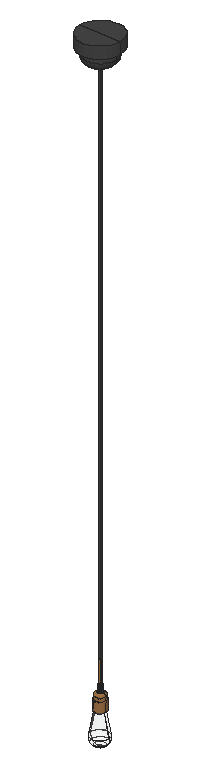
Revit family "SPB MB", category Lighting Fixtures, Revit 2020
Family settings
  Round Connector Dimension = Use Diameter
  Part Type = Normal
  OmniClass Number = 23.80.70.00
  OmniClass Title = Lighting
  Work Plane-Based = No
  Always vertical = Yes
  Cut with Voids When Loaded = No
  Light Source = Yes
  Shared = No
  Room Calculation Point = No
Parameters (values of type "SPB")
  Weight = "0.30 lbs"
  Wattage Comments = "60W Max"
  Wattage = 1.6 W
  Warranty = "5 year limited warranty"  # constant formula
  built-in parameter 1150110 = 1 (stored number, unit not read)
  Voltage = 277 V
  URL = "https://www.anplighting.com/assets/Uploads/product-attachments/specification-sheets/ANP-Specification-Sheet-SPB.pdf"
  built-in parameter 1114217 = 1 (stored number, unit not read)
  Tilt Angle = 90.00°
  built-in parameter 1150109 = 1 (stored number, unit not read)
  built-in parameter 1150134 = 12
  built-in parameter 1150113 = 1 (stored number, unit not read)
  SPB = yes
  Ring = RING
  Mounting Option [instance] = 1
  Power Factor = 1
  Post Mount [instance] = Mounting Option = 5  # no
  Placement X axis side [instance] = if(Post Mount, 2' 2 15/32", if(Cord or Stem Mount, 0' 0", if(E36 20 inch, 1' 8 1/4", if(E 6 26 inch, 2' 2", if(E7 41 inch, 3' 5 1/4", 0' 1")))))  # 0' - 0"
  Photometric Web File = "generic.ies"
  Model = "SPB"
  Manufacturer = "ANP Lighting"  # constant formula
  built-in parameter 1150105 = 2000 (stored number, unit not read)
  Lumens = 2000 lm
  built-in parameter 1150115 = 1 (stored number, unit not read)
  Load Classification = Lighting
  Light Source Height [instance] = 0' - 6 205/256"
  built-in parameter 1150137 = (empty or 0)
  built-in parameter 1150139 = (empty or 0)
  Light Elevation _2 [instance] = if(Post Mount, 0' 0.66142", if(E7 41 inch, 0' 0.66142", if(E36 20 inch, 0' 1.65748", if(E 6 26 inch, 0' 1.53543", if(Cord or Stem Mount, (0' 4.3622" + Cord Length), 0' 0")))))  # 6' - 4.3622"
  Light Elevation _1 [instance] = if(Post Mount, 0' 0", if(E7 41 inch, 0' 0", if(E36 20 inch, 0' 1", if(E 6 26 inch, 0' 0.87402", if(Cord or Stem Mount, (0' 3.66142" + Cord Length), 0' 0")))))  # 6' - 3.66142"
  Light Elevation [instance] = if(Post Mount, 14' 0.5315", if(E7 41 inch, 0' 0", 0' 0"))  # 0' - 0"
  built-in parameter 1150112 = 1 (stored number, unit not read)
  built-in parameter 1150114 = 1 (stored number, unit not read)
  Lamp = "MED-BASE"
  built-in parameter 1150132 = 2
  built-in parameter 1150102 = (empty or 0)
  built-in parameter 1150107 = 4000 (stored number, unit not read)
  built-in parameter 1150138 = (empty or 0)
  built-in parameter 1150106 = 20 (stored number, unit not read)
  GLASS = Glass
  Fixture Height = 0' - 3"
  Fixture Diameter = 0' - 1 1/2"
  built-in parameter 1150104 = 116.13 (stored number, unit not read)
  E7 41 inch [instance] = Mounting Option = 4  # no
  E36 20 inch [instance] = Mounting Option = 3  # no
  E 6 26 inch [instance] = Mounting Option = 2  # no
  Dimming Lamp Color Temperature Shift = <None>
  Description = "120-277 Voltage"  # constant formula
  Default Elevation = 0' - 0"
  Cord or Stem Mount [instance] = Mounting Option = 1  # yes
  Cord Length option [instance] = 0
  Cord Length [instance] = if([2' Cord], 2' 0", if([4' Cord], 4' 0", if([8' Cord], 8' 0", if([10' Cord], 10' 0", if([6' Cord], 6' 0", 6' 0")))))  # 6' - 0"
  Construction Material = "Heavy Duty spun aluminum."  # constant formula
  Color Filter = 16777215
  Body Material = body
  Body Colour = "Spun aluminium"  # constant formula
  built-in parameter 1114218 = 1 (stored number, unit not read)
  built-in parameter 1150133 = 10 (stored number, unit not read)
  Apparent Load = 60 VA
  8' Cord [instance] = Cord Length option = 8  # no
  6' Cord [instance] = Cord Length option = 6  # no
  4' Cord [instance] = Cord Length option = 4  # no
  2' Cord [instance] = Cord Length option = 2  # no
  10' Cord [instance] = Cord Length option = 10  # no
Reference planes (in)
  plane 1 "Light Source Axis (F/B)": y = 0
  plane 2: z = 0
  plane 3 "Light Source Axis (L/R)": x = 0
  plane 4 "Light Source Elevation": z = 0
  plane 5: z = 0
  plane 6: x = 0
  plane 7 "Bulb Position": z = -76.3622
  plane 8 "Canopy Position": z = -75.66142
  plane 9 "IES": z = -83.16299
Dimensions and locks (in)
  "Light Elevation": plane 5 to plane 2
  "Placement X axis side": plane 6 to plane 3 "Light Source Axis (L/R)"
  "Light Elevation _2": plane 5 to plane 7 "Bulb Position"
  "Light Elevation _1": plane 5 to plane 8 "Canopy Position"
  "Light Source Height": plane 7 "Bulb Position" to plane 9 "IES"
  locked: plane 4 "Light Source Elevation" to plane 2
  aligned and locked: level to plane 2
  aligned and locked: plane 1 "Light Source Axis (F/B)" to nested 5
  aligned and locked: nested 5 to plane 2
  aligned and locked: nested 1 to plane 3 "Light Source Axis (L/R)"
  aligned and locked: plane 3 "Light Source Axis (L/R)" to nested 2
  aligned and locked: plane 3 "Light Source Axis (L/R)" to nested 4
  aligned and locked: nested 3 to plane 5
  aligned and locked: plane 3 "Light Source Axis (L/R)" to nested 3
  aligned and locked: plane 3 "Light Source Axis (L/R)" to nested 5
  aligned and locked: plane 1 "Light Source Axis (F/B)" to nested 2
  aligned and locked: plane 1 "Light Source Axis (F/B)" to nested 1
  aligned and locked: plane 1 "Light Source Axis (F/B)" to nested 4
  aligned and locked: plane 1 "Light Source Axis (F/B)" to nested 3
  aligned and locked: plane 2 to nested 1
  aligned and locked: plane 2 to nested 2
  aligned and locked: nested 4 to plane 2
  aligned and locked: imposter light to plane 9 "IES"
  aligned and locked: imposter light to plane 6
  aligned and locked: nested 6 to plane 8 "Canopy Position"
  aligned and locked: nested 6 to plane 6
Nested families (in)
  nested 1: "CORD OR STEM MOUNT" at (0, 0, -75.67), visible <- "Cord or Stem Mount", Cord or Stem Mount <- "Cord or Stem Mount", Body Material <- "Body Material", Light Elevation <- "Light Elevation", Cord Length <- "Cord Length", 10' Cord <- "10' Cord", 2' Cord <- "2' Cord", 4' Cord <- "4' Cord", 6' Cord <- "6' Cord", 8' Cord <- "8' Cord", type "CORD OR STEM MOUNT"
    with Light Elevation 0' - 0", Cord or Stem Mount yes, Cord Length 6' - 0", Body Material body, 8' Cord no, 6' Cord no, 4' Cord no, 2' Cord no, 10' Cord no
  nested 2: "E6 26 INCH" at (0, 0, 0), visible <- "E 6 26 inch", Chain Length <- "Cord Length", E 6 26 inch <- "E 6 26 inch", Placement X axis side <- "Placement X axis side", Body Material <- "Body Material", Light Elevation <- "Light Elevation", type "E6 26 INCH"
    with Placement X axis side 0' - 0", Light Elevation 0' - 0", E 6 26 inch no, Chain Length 6' - 0", Body Material body
  nested 3: "E7 41 INCH" at (0, 0, 0), Chain Length <- "Cord Length", visible <- "E7 41 inch", E7 41 inch <- "E7 41 inch", Placement X axis side <- "Placement X axis side", Body Material <- "Body Material", Light Elevation <- "Light Elevation", type "E7 41 INCH"
    with Placement X axis side 0' - 0", Light Elevation 0' - 0", E7 41 inch no, Chain Length 6' - 0", Body Material body
  nested 4: "E36 20 INCH" at (0, 0, 0), visible <- "E36 20 inch", E36 20 inch <- "E36 20 inch", Placement X axis side <- "Placement X axis side", Chain Length <- "Cord Length", Body Material <- "Body Material", Light Elevation <- "Light Elevation", type "E36 20 INCH"
    with Placement X axis side 0' - 0", Light Elevation 0' - 0", E36 20 inch no, Chain Length 6' - 0", Body Material body
  nested 5: "POST MOUNT" at (0, 0, 0), visible <- "Post Mount", Post Mount <- "Post Mount", Placement X axis side <- "Placement X axis side", Chain Length <- "Cord Length", Body Material <- "Body Material", Light Elevation <- "Light Elevation", type "POST MOUNT"
    with Post Mount no, Placement X axis side 0' - 0", Light Elevation 0' - 0", Chain Length 6' - 0", Body Material body
  nested 6: "SPB" at (0, 0, -75.66142), Light Elevation <- "Light Elevation", Body <- "Ring", visible <- "SPB", SPB <- "SPB", type "SPB"
    with SPB yes, Light Elevation 0' - 0", Body RING
Definition of nested family "CORD OR STEM MOUNT"
  Parameters (values of type "CORD OR STEM MOUNT")
    URL = ""
    Model = ""
    Manufacturer = ""
    Light Elevation [instance] = 1' - 7.69"
    Default Elevation = 0' - 0"
    Cord or Stem Mount [instance] = yes
    Cord Length [instance] = 6' - 0"
    Body Material [instance] = none
    8' Cord [instance] = no
    6' Cord [instance] = no
    4' Cord [instance] = no
    2' Cord [instance] = no
    10' Cord [instance] = no
  Reference planes (in)
    plane 1 "Light Source Axis (F/B)": y = 0
    plane 2: z = 0
    plane 3 "Light Source Axis (L/R)": x = 0
    plane 4 "Light Source Elevation": z = 23.125
    plane 5: z = 91.69
    plane 6: z = 19.69
  Forms (in)
    Extrusion 1, void, not visible
      sketch origin (0, 0, 2.38154) x (1, 0, 0) y (0, 0, 1)
        loop
          circle (0, 4.59925) r 0.16583
      from 1.18594 to 1.75
    Extrusion 2, void, not visible
      sketch origin (0, 0, 2.38154) x (0.707107, -0.707107, 0) y (0, 0, 1)
        loop
          circle (0, 4.59925) r 0.16583
      from 1.18594 to 1.75
    Extrusion 3, void, not visible
      sketch origin (0, 0, 2.38154) x (0.707107, 0.707107, 0) y (0, 0, 1)
        loop
          circle (0, 4.59925) r 0.16583
      from 1.18594 to 1.75
    Extrusion 4, void, not visible
      sketch origin (0, 0, 2.38154) x (0, 1, 0) y (0, 0, 1)
        loop
          circle (0, 4.59925) r 0.16583
      from 1.18594 to 1.75
    Extrusion 5, void, not visible
      sketch origin (0, 0, 2.38154) x (-0.707107, 0.707107, 0) y (0, 0, 1)
        loop
          circle (0, 4.59925) r 0.16583
      from 1.18594 to 1.75
    Extrusion 6, void, not visible
      sketch origin (0, 0, 2.38154) x (-1, 0, 0) y (0, 0, 1)
        loop
          circle (0, 4.59925) r 0.20678
      from 1.18594 to 1.75
    Extrusion 7, void, not visible
      sketch origin (0, 0, 2.38154) x (-0.707107, -0.707107, 0) y (0, 0, 1)
        loop
          circle (0, 4.59925) r 0.16583
      from 1.18594 to 1.75
    Extrusion 8, void, not visible
      sketch origin (0, 0, 2.38154) x (0, -1, 0) y (0, 0, 1)
        loop
          circle (0, 4.59925) r 0.16583
      from 1.18594 to 1.75
    Revolve 9, solid, material <- "Body Material", visible <- "Cord or Stem Mount"
      sketch origin (0, 0, 174.56698) x (1, 0, 0) y (0, 0, 1)
        loop
          line (2.6875, -79.20698) -> (0, -79.20698) -> (0, -82.87698) -> (0.125, -82.87698) -> (0.125, -82.83698) -> (0.75, -82.83698)
          arc (0.75, -82.83698) -> (0.81694, -82.77004) -> (0.75, -82.7031) r 0.06694
          line (0.75, -82.7031) -> (0.89763, -82.7031) -> (1.00223, -82.5985) -> (1.06587, -82.5985)
          arc (1.06587, -82.5985) -> (1.80099, -82.29401) -> (2.10549, -81.55888) r 1.03962
          line (2.10549, -81.55888) -> (2.10549, -81.03899)
          arc (2.10549, -81.03899) -> (2.12951, -80.981) -> (2.1875, -80.95698) r 0.08201
          line (2.1875, -80.95698) -> (2.1875, -80.70698) -> (2.6875, -80.70698) -> (2.6875, -79.20698)
        axis (0, -79.20698) -> (0, -82.87698)
      angle from 0 to 360
    Revolve 10, solid, material <- "Body Material", visible <- "Cord or Stem Mount"
      sketch origin (0, 0, 0) x (1, 0, 0) y (0, 0, 1)
        loop
          line (0, 91.69) -> (-0.125, 91.69) -> (-0.125, 19.69) -> (0, 19.69) -> (0, 91.69)
        axis (0, 19.69) -> (0, 91.69)
      angle from 0 to 360
  Dimensions and locks (in)
    "Light Elevation": plane 6 to plane 2
    "Cord Length": plane 5 to plane 6
    locked: Revolve 10 sketch curve to Revolve 10 sketch curve at 0.125
    aligned and locked: level to plane 2
    aligned and locked: Revolve 10 sketch curve to plane 3 "Light Source Axis (L/R)"
    aligned and locked: Revolve 10 sketch curve to plane 6
    aligned and locked: Revolve 10 sketch curve to plane 5
    aligned and locked: plane 3 "Light Source Axis (L/R)" to Revolve 10 sketch curve
  Automatic sketch dimensions
    Revolve 9 sketch curve to plane 3 "Light Source Axis (L/R)" = 0' - 0"  (x2)
    Revolve 9 sketch curve to plane 5 = 0' - 0"
    plane 3 "Light Source Axis (L/R)" to Revolve 9 sketch curve = 0' - 0 1/8"
    Revolve 9 sketch curve to plane 5 = 0' - 0.17388"
    Revolve 9 sketch curve to Revolve 9 sketch curve = 0' - 0 5/8"
    Revolve 9 sketch curve to Revolve 9 sketch curve = 0' - 0.14763"
    Revolve 9 sketch curve to plane 5 = 0' - 0.27847"
    Revolve 9 sketch curve to Revolve 9 sketch curve = 0' - 0.1046"
    Revolve 9 sketch curve to Revolve 9 sketch curve = 0' - 0.06364"
    Revolve 9 sketch curve to Revolve 9 sketch curve = 0' - 1.03962"
    Revolve 9 sketch curve to Revolve 9 sketch curve = 0' - 0 21/256"
    Revolve 9 sketch curve to Revolve 9 sketch curve = 0' - 0 1/2"  (x2)
    Revolve 9 sketch curve to Revolve 9 sketch curve = 0' - 0.51989"
    Revolve 9 sketch curve to Revolve 9 sketch curve = 0' - 0 1/4"
    Revolve 9 sketch curve to Revolve 9 sketch curve = 0' - 2.3519"
    Revolve 9 sketch curve to Revolve 9 sketch curve = 0' - 1 1/4"
    Revolve 9 sketch curve to Revolve 9 sketch curve = 0' - 0.04"
    Revolve 10 sketch curve to Revolve 10 sketch curve = 0' - 0 1/2"
    Revolve 10 sketch curve to Revolve 10 sketch curve = 0' - 0.42345"
Definition of nested family "SPB"
  Parameters (values of type "SPB")
    SPB [instance] = yes
    Light Elevation [instance] = 0' - 0"
    GLASS = none
    Default Elevation = 0' - 0"
    Body [instance] = none
  Reference planes (in)
    plane 1 "Center (Front/Back)": y = 0
    plane 2: z = 0
    plane 3 "Center (Left/Right)": x = 0
    plane 4: z = 0
  Dimensions and locks (in)
    "Light Elevation": plane 4 to plane 2
    locked: plane 4 to nested 2 at 3
    aligned and locked: plane 2 to level
    aligned and locked: plane 3 "Center (Left/Right)" to nested 1
    aligned and locked: plane 1 "Center (Front/Back)" to nested 1
    aligned and locked: plane 4 to nested 1
  Nested families (in)
    nested 1: "Family4" at (0, 0, -3), visible <- "SPB", Body <- "Body", SPB <- "SPB", type "Family4"
    nested 2: "light" at (0, 0, -3), visible <- "SPB", SPB <- "SPB", type "light"
      with SPB yes, Body none
  Definition of nested family "Family4"
    Parameters (values of type "Family4")
      SPB [instance] = yes
      Default Elevation = 0' - 0"
      Body [instance] = none
    Reference planes (in)
      plane 1 "Center (Front/Back)": y = 0
      plane 2: z = 0
      plane 3 "Center (Left/Right)": x = 0
      plane 4: z = 3
      plane 5: x = 0.75
      plane 6: x = -0.75
    Forms (in)
      Revolve 1, solid, material <- "Body", visible <- "SPB"
        sketch origin (0, 0, 0) x (1, 0, 0) y (0, 0, 1)
          loop
            arc (-0.2392, 2.14555) -> (-0.25525, 2.12613) -> (-0.24131, 2.10513) r 0.02114
            arc (-0.24131, 2.10513) -> (-0.23202, 2.08713) -> (-0.24131, 2.06914) r 0.02208
            line (-0.24131, 2.06914) -> (0, 2.06914) -> (0, 3) -> (-0.19442, 3) -> (-0.2392, 2.14555)
          axis (0, 3) -> (0, 2.06914)
        angle from 0 to 360
      Extrusion 2, solid, material <- "Body", visible <- "SPB"
        sketch origin (-0.01562, 0, 0) x (1, 0, 0) y (0, 0, 1)
          loop
            line (0.2392, 2.14555) -> (0.27022, 2.14555) -> (0.22544, 3) -> (0.19442, 3) -> (0.2392, 2.14555)
        from 0 to 0.02847
      Extrusion 3, solid, material <- "Body", visible <- "SPB"
        sketch origin (-0.01486, 0.00483, 0) x (0.951057, -0.309017, 0) y (0, 0, 1)
          loop
            line (0.2392, 2.14555) -> (0.27022, 2.14555) -> (0.22544, 3) -> (0.19442, 3) -> (0.2392, 2.14555)
        from 0 to 0.02847
      Extrusion 4, solid, material <- "Body", visible <- "SPB"
        sketch origin (-0.01486, -0.00483, 0) x (0.951057, 0.309017, 0) y (0, 0, 1)
          loop
            line (0.2392, 2.14555) -> (0.27022, 2.14555) -> (0.22544, 3) -> (0.19442, 3) -> (0.2392, 2.14555)
        from 0 to 0.02847
      Extrusion 5, solid, material <- "Body", visible <- "SPB"
        sketch origin (-0.01264, -0.00918, 0) x (0.809017, 0.587785, 0) y (0, 0, 1)
          loop
            line (0.2392, 2.14555) -> (0.27022, 2.14555) -> (0.22544, 3) -> (0.19442, 3) -> (0.2392, 2.14555)
        from 0 to 0.02847
      Extrusion 6, solid, material <- "Body", visible <- "SPB"
        sketch origin (-0.00918, -0.01264, 0) x (0.587785, 0.809017, 0) y (0, 0, 1)
          loop
            line (0.2392, 2.14555) -> (0.27022, 2.14555) -> (0.22544, 3) -> (0.19442, 3) -> (0.2392, 2.14555)
        from 0 to 0.02847
      Extrusion 7, solid, material <- "Body", visible <- "SPB"
        sketch origin (-0.00483, -0.01486, 0) x (0.309017, 0.951057, 0) y (0, 0, 1)
          loop
            line (0.2392, 2.14555) -> (0.27022, 2.14555) -> (0.22544, 3) -> (0.19442, 3) -> (0.2392, 2.14555)
        from 0 to 0.02847
      Extrusion 8, solid, material <- "Body", visible <- "SPB"
        sketch origin (0, -0.01563, 0) x (0, 1, 0) y (0, 0, 1)
          loop
            line (0.2392, 2.14555) -> (0.27022, 2.14555) -> (0.22544, 3) -> (0.19442, 3) -> (0.2392, 2.14555)
        from 0 to 0.02847
      Extrusion 9, solid, material <- "Body", visible <- "SPB"
        sketch origin (0.00483, -0.01486, 0) x (-0.309017, 0.951057, 0) y (0, 0, 1)
          loop
            line (0.2392, 2.14555) -> (0.27022, 2.14555) -> (0.22544, 3) -> (0.19442, 3) -> (0.2392, 2.14555)
        from 0 to 0.02847
      Extrusion 10, solid, material <- "Body", visible <- "SPB"
        sketch origin (0.00918, -0.01264, 0) x (-0.587785, 0.809017, 0) y (0, 0, 1)
          loop
            line (0.2392, 2.14555) -> (0.27022, 2.14555) -> (0.22544, 3) -> (0.19442, 3) -> (0.2392, 2.14555)
        from 0 to 0.02847
      Extrusion 11, solid, material <- "Body", visible <- "SPB"
        sketch origin (0.01264, -0.00918, 0) x (-0.809017, 0.587785, 0) y (0, 0, 1)
          loop
            line (0.2392, 2.14555) -> (0.27022, 2.14555) -> (0.22544, 3) -> (0.19442, 3) -> (0.2392, 2.14555)
        from 0 to 0.02847
      Extrusion 12, solid, material <- "Body", visible <- "SPB"
        sketch origin (0.01486, -0.00483, 0) x (-0.951057, 0.309017, 0) y (0, 0, 1)
          loop
            line (0.2392, 2.14555) -> (0.27022, 2.14555) -> (0.22544, 3) -> (0.19442, 3) -> (0.2392, 2.14555)
        from 0 to 0.02847
      Extrusion 13, solid, material <- "Body", visible <- "SPB"
        sketch origin (0.01563, 0, 0) x (-1, 0, 0) y (0, 0, 1)
          loop
            line (0.2392, 2.14555) -> (0.27022, 2.14555) -> (0.22544, 3) -> (0.19442, 3) -> (0.2392, 2.14555)
        from 0 to 0.02847
      Extrusion 14, solid, material <- "Body", visible <- "SPB"
        sketch origin (0.01486, 0.00483, 0) x (-0.951057, -0.309017, 0) y (0, 0, 1)
          loop
            line (0.2392, 2.14555) -> (0.27022, 2.14555) -> (0.22544, 3) -> (0.19442, 3) -> (0.2392, 2.14555)
        from 0 to 0.02847
      Extrusion 15, solid, material <- "Body", visible <- "SPB"
        sketch origin (0.01264, 0.00918, 0) x (-0.809017, -0.587785, 0) y (0, 0, 1)
          loop
            line (0.2392, 2.14555) -> (0.27022, 2.14555) -> (0.22544, 3) -> (0.19442, 3) -> (0.2392, 2.14555)
        from 0 to 0.02847
      Extrusion 16, solid, material <- "Body", visible <- "SPB"
        sketch origin (0.00918, 0.01264, 0) x (-0.587785, -0.809017, 0) y (0, 0, 1)
          loop
            line (0.2392, 2.14555) -> (0.27022, 2.14555) -> (0.22544, 3) -> (0.19442, 3) -> (0.2392, 2.14555)
        from 0 to 0.02847
      Extrusion 17, solid, material <- "Body", visible <- "SPB"
        sketch origin (0.00483, 0.01486, 0) x (-0.309017, -0.951057, 0) y (0, 0, 1)
          loop
            line (0.2392, 2.14555) -> (0.27022, 2.14555) -> (0.22544, 3) -> (0.19442, 3) -> (0.2392, 2.14555)
        from 0 to 0.02847
      Extrusion 18, solid, material <- "Body", visible <- "SPB"
        sketch origin (0, 0.01563, 0) x (0, -1, 0) y (0, 0, 1)
          loop
            line (0.2392, 2.14555) -> (0.27022, 2.14555) -> (0.22544, 3) -> (0.19442, 3) -> (0.2392, 2.14555)
        from 0 to 0.02847
      Extrusion 19, solid, material <- "Body", visible <- "SPB"
        sketch origin (-0.00483, 0.01486, 0) x (0.309017, -0.951057, 0) y (0, 0, 1)
          loop
            line (0.2392, 2.14555) -> (0.27022, 2.14555) -> (0.22544, 3) -> (0.19442, 3) -> (0.2392, 2.14555)
        from 0 to 0.02847
      Extrusion 20, solid, material <- "Body", visible <- "SPB"
        sketch origin (-0.00918, 0.01264, 0) x (0.587785, -0.809017, 0) y (0, 0, 1)
          loop
            line (0.2392, 2.14555) -> (0.27022, 2.14555) -> (0.22544, 3) -> (0.19442, 3) -> (0.2392, 2.14555)
        from 0 to 0.02847
      Extrusion 21, solid, material <- "Body", visible <- "SPB"
        sketch origin (-0.01264, 0.00918, 0) x (0.809017, -0.587785, 0) y (0, 0, 1)
          loop
            line (0.2392, 2.14555) -> (0.27022, 2.14555) -> (0.22544, 3) -> (0.19442, 3) -> (0.2392, 2.14555)
        from 0 to 0.02847
      Extrusion 22, solid, material <- "Body", visible <- "SPB"
        sketch origin (0, 0, 0) x (1, 0, 0) y (0, 1, 0)
          loop
            circle (0, 0) r 0.1524
        from 3 to 5.92444
      Revolve 23, solid, material <- "Body", visible <- "SPB"
        sketch origin (0, 0, 0) x (1, 0, 0) y (0, 0, 1)
          loop
            line (-0.75, 0) -> (-0.7185, 0) -> (0, 0) -> (0, 0.03125) -> (-0.7185, 0.03125) -> (-0.7185, 1.20515)
            arc (-0.7185, 1.20515) -> (-0.68219, 1.22974) -> (-0.66818, 1.27129) r 0.06862
            line (-0.66818, 1.27129) -> (-0.66818, 1.68979)
            arc (-0.66818, 1.68979) -> (-0.55547, 1.91104) -> (-0.31022, 1.94992) r 0.2735
            line (-0.31022, 1.94992) -> (-0.31022, 2.03666) -> (0, 2.03666) -> (0, 2.06815) -> (-0.34172, 2.06815) -> (-0.34172, 1.99015)
            arc (-0.34172, 1.99015) -> (-0.59073, 1.92343) -> (-0.69968, 1.68979) r 0.305
            line (-0.69968, 1.68979) -> (-0.69968, 1.27129)
            arc (-0.69968, 1.27129) -> (-0.71573, 1.24073) -> (-0.75, 1.23659) r 0.03713
            line (-0.75, 1.23659) -> (-0.75, 0)
          axis (0, 2.06815) -> (0, 0)
        angle from 0 to 360
    Dimensions and locks (in)
      locked: plane 5 to plane 6 at 1.5
      locked: plane 4 to level at 3
      aligned and locked: plane 2 to level
      aligned and locked: Revolve 1 sketch curve to plane 4
      aligned and locked: Extrusion 22 to plane 4
  Definition of nested family "light"
    Parameters
      SPB [instance] = yes
      GLASS = none
      Default Elevation = 0' - 0"
      Body [instance] = none
    Reference planes (in)
      plane 1 "Center (Front/Back)": y = 0
      plane 2: z = 0
      plane 3 "Center (Left/Right)": x = 0
      plane 4: z = 3
      plane 5: x = 0.75
      plane 6: x = -0.75
    Forms (in)
      Revolve 1, solid, material <- "GLASS"
        sketch origin (0, 0, -0.00124) x (1, 0, 0) y (0, 0, 1)
          loop
            line (0, 0.00124) -> (-0.47169, 0.00124)
            arc (-0.47169, 0.00124) -> (-0.59465, -0.08077) -> (-0.64543, -0.21957) r 0.23785
            line (-0.64543, -0.21957) -> (-1.18272, -3.03558)
            arc (-1.18272, -3.03558) -> (-1.18535, -3.41114) -> (-1.05444, -3.76315) r 1.04013
            arc (-1.05444, -3.76315) -> (-0.89651, -3.966) -> (-0.69365, -4.12393) r 1.04013
            arc (-0.69365, -4.12393) -> (-0.44112, -4.23419) -> (-0.17715, -4.31325) r 2.2844
            line (-0.17715, -4.31325) -> (-0.02963, -4.36987)
            arc (-0.02963, -4.36987) -> (-0.01545, -4.37654) -> (0, -4.37915) r 0.05766
            line (0, -4.37915) -> (0, -4.34756) -> (-0.27212, -4.27661)
            arc (-0.27212, -4.27661) -> (-0.48406, -4.20538) -> (-0.68798, -4.11367) r 2.27268
            arc (-0.68798, -4.11367) -> (-0.88836, -3.95758) -> (-1.04437, -3.75715) r 1.02841
            arc (-1.04437, -3.75715) -> (-1.17381, -3.4091) -> (-1.17121, -3.03778) r 1.02841
            line (-1.17121, -3.03778) -> (-0.63375, -0.22087)
            arc (-0.63375, -0.22087) -> (-0.60139, -0.11111) -> (-0.51945, -0.03125) r 0.22613
            line (-0.51945, -0.03125) -> (0, -0.03125) -> (0, 0.00124)
          axis (0, 0.00124) -> (0, -4.37915)
        angle from 0 to 360
    Dimensions and locks (in)
      aligned and locked: plane 2 to level
      aligned and locked: Revolve 1 to level
Definition of nested family "E6 26 INCH"
  Parameters (values of type "E6 26 INCH")
    URL = ""
    Placement X axis side [instance] = 2' - 2"
    Model = ""
    Manufacturer = ""
    Light Elevation [instance] = 8' - 4"
    E 6 26 inch [instance] = yes
    Default Elevation = 0' - 0"
    Chain Length [instance] = 0' - 0"
    Body Material [instance] = none
  Reference planes (in)
    plane 1 "Light Source Axis (F/B)": y = 0
    plane 2: z = 0
    plane 3 "Light Source Axis (L/R)": x = 0
    plane 4 "Light Source Elevation": z = 23.125
    plane 5: z = 100
    plane 6: x = -26
    plane 7: z = 99.125
    plane 8: x = -24.12
    plane 9: x = -25.5474
  Forms (in)
    Extrusion 1, void, not visible
      sketch origin (0, 0, 2.38154) x (1, 0, 0) y (0, 0, 1)
        loop
          circle (0, 4.59925) r 0.16583
      from 1.18594 to 1.75
    Extrusion 2, void, not visible
      sketch origin (0, 0, 2.38154) x (0.707107, -0.707107, 0) y (0, 0, 1)
        loop
          circle (0, 4.59925) r 0.16583
      from 1.18594 to 1.75
    Extrusion 3, void, not visible
      sketch origin (0, 0, 2.38154) x (0.707107, 0.707107, 0) y (0, 0, 1)
        loop
          circle (0, 4.59925) r 0.16583
      from 1.18594 to 1.75
    Extrusion 4, void, not visible
      sketch origin (0, 0, 2.38154) x (0, 1, 0) y (0, 0, 1)
        loop
          circle (0, 4.59925) r 0.16583
      from 1.18594 to 1.75
    Extrusion 5, void, not visible
      sketch origin (0, 0, 2.38154) x (-0.707107, 0.707107, 0) y (0, 0, 1)
        loop
          circle (0, 4.59925) r 0.16583
      from 1.18594 to 1.75
    Extrusion 6, void, not visible
      sketch origin (0, 0, 2.38154) x (-1, 0, 0) y (0, 0, 1)
        loop
          circle (0, 4.59925) r 0.20678
      from 1.18594 to 1.75
    Extrusion 7, void, not visible
      sketch origin (0, 0, 2.38154) x (-0.707107, -0.707107, 0) y (0, 0, 1)
        loop
          circle (0, 4.59925) r 0.16583
      from 1.18594 to 1.75
    Extrusion 8, void, not visible
      sketch origin (0, 0, 2.38154) x (0, -1, 0) y (0, 0, 1)
        loop
          circle (0, 4.59925) r 0.16583
      from 1.18594 to 1.75
    Sweep 9, solid, material <- "Body Material", visible <- "E 6 26 inch"
      path origin (-41.25, 0, 168.51693) x (1, 0, 0) y (0, 0, 1)
        loop
          line (17.13, -68.51693) -> (27.68551, -68.51693)
          arc (27.68551, -68.51693) -> (28.47996, -68.34486) -> (29.13202, -67.8595) r 1.92004
          line (29.13202, -67.8595) -> (34.23651, -62.01155)
          arc (34.23651, -62.01155) -> (38.65464, -60.89667) -> (41.25, -64.64193) r 4
          line (41.25, -64.64193) -> (41.25, -69.39193)
      profile origin (-18.84224, 0, 100) x (0, 0, 1) y (0, -1, 0)
        loop
          circle (0, 0) r 0.5
    Revolve 10, solid, material <- "Body Material", visible <- "E 6 26 inch"
      sketch origin (-26, 0, 168.51693) x (1, 0, 0) y (0, 0, 1)
        loop
          line (0, -66.07943) -> (0, -68.51693) -> (1.88, -68.51693) -> (1.88, -67.69272) -> (0.4526, -67.69272) -> (0.4526, -66.54122) -> (0.33125, -66.54122) -> (0.33125, -66.07943) -> (0, -66.07943)
        axis (0, -68.51693) -> (1.88, -68.51693)
      angle from 0 to 360
    Extrusion 11, solid, material <- "Body Material", visible <- "E 6 26 inch"
      sketch origin (-26, 0, 168.51693) x (0, -1, 0) y (0, 0, -1)
        loop
          line (0.25, 68.51693) -> (0.25, 69.51693) -> (-0.25, 69.51693) -> (-0.25, 68.51693) -> (0.25, 68.51693)
      from 0.4526 to 1.88
  Cuts and joins
    joined: Revolve 10, Extrusion 11
  Dimensions and locks (in)
    "Light Elevation": plane 5 to plane 2
    "Placement X axis side": plane 3 "Light Source Axis (L/R)" to plane 6
    locked: plane 5 to plane 7 at 0.875
    Revolve 10 sketch curve to Revolve 10 sketch curve to Revolve 10 sketch curve to plane 6 = 0' - 1.4274" locked, 0' - 0.12135" locked, 0' - 0.33125" locked
    Revolve 10 sketch curve to Revolve 10 sketch curve to Revolve 10 sketch curve to plane 5 = 0' - 0.46179" locked, 0' - 1.1515" locked, 0' - 0 211/256" locked
    locked: Sweep 9 sketch curve to plane 6 at 1.88
    locked: Sweep 9 sketch curve to Sweep 9 sketch curve at 10.55551
    locked: Sweep 9 sketch curve to Sweep 9 sketch curve at 13.56449
    locked: Sweep 9 sketch curve to Sweep 9 sketch curve at 4.75
    locked: plane 9 to plane 6 at 0.4526
    locked: plane 8 to plane 9 at 1.4274
    aligned and locked: level to plane 2
    aligned and locked: Revolve 10 sketch curve to plane 6
    aligned and locked: plane 5 to Revolve 10 sketch curve
    aligned and locked: Revolve 10 sketch curve to plane 5
    aligned and locked: cut or joined group of Revolve 10, Extrusion 11 to plane 9
    aligned and locked: plane 8 to cut or joined group of Revolve 10, Extrusion 11
  Automatic sketch dimensions
    Sweep 9 sketch curve to plane 5 = 0' - 0"
    Sweep 9 sketch curve to Sweep 9 sketch curve = 0' - 4"
    Sweep 9 sketch curve to Sweep 9 sketch curve = 0' - 3.01349"
    plane 5 to Sweep 9 sketch curve = 0' - 0.65743"
    Sweep 9 sketch curve to Sweep 9 sketch curve = 0' - 1.4465"
    Sweep 9 sketch curve to plane 5 = 0' - 0 7/8"
    profile plane to Sweep 9 sketch curve = 0' - 0"
    Sweep 9 sketch curve to profile plane = 0' - 0"
    plane 6 to Revolve 10 sketch curve = 0' - 0.62562"
    Revolve 10 sketch curve to Revolve 10 sketch curve = 0' - 0 1/2"
    Extrusion 11 sketch curve to plane 5 = 0' - 0"
    plane 1 "Light Source Axis (F/B)" to Extrusion 11 sketch curve = 0' - 0 1/4"
    Extrusion 11 sketch curve to plane 1 "Light Source Axis (F/B)" = 0' - 0 1/4"
    plane 5 to Extrusion 11 sketch curve = 0' - 1"
    radius of Sweep 9 sketch curve = 0' - 0 1/2"
Definition of nested family "E7 41 INCH"
  Parameters (values of type "E7 41 INCH")
    URL = ""
    Placement X axis side [instance] = 4' - 2"
    Model = ""
    Manufacturer = ""
    Light Elevation [instance] = 8' - 4"
    E7 41 inch [instance] = yes
    Default Elevation = 0' - 0"
    Chain Length [instance] = 0' - 0"
    Body Material [instance] = none
  Reference planes (in)
    plane 1 "Light Source Axis (F/B)": y = 0
    plane 2: z = 0
    plane 3 "Light Source Axis (L/R)": x = 0
    plane 4 "Light Source Elevation": z = 23.125
    plane 5: z = 100
    plane 6: x = -50
  Forms (in)
    Extrusion 1, void, not visible
      sketch origin (0, 0, 2.38154) x (1, 0, 0) y (0, 0, 1)
        loop
          circle (0, 4.59925) r 0.16583
      from 1.18594 to 1.75
    Extrusion 2, void, not visible
      sketch origin (0, 0, 2.38154) x (0.707107, -0.707107, 0) y (0, 0, 1)
        loop
          circle (0, 4.59925) r 0.16583
      from 1.18594 to 1.75
    Extrusion 3, void, not visible
      sketch origin (0, 0, 2.38154) x (0.707107, 0.707107, 0) y (0, 0, 1)
        loop
          circle (0, 4.59925) r 0.16583
      from 1.18594 to 1.75
    Extrusion 4, void, not visible
      sketch origin (0, 0, 2.38154) x (0, 1, 0) y (0, 0, 1)
        loop
          circle (0, 4.59925) r 0.16583
      from 1.18594 to 1.75
    Extrusion 5, void, not visible
      sketch origin (0, 0, 2.38154) x (-0.707107, 0.707107, 0) y (0, 0, 1)
        loop
          circle (0, 4.59925) r 0.16583
      from 1.18594 to 1.75
    Extrusion 6, void, not visible
      sketch origin (0, 0, 2.38154) x (-1, 0, 0) y (0, 0, 1)
        loop
          circle (0, 4.59925) r 0.20678
      from 1.18594 to 1.75
    Extrusion 7, void, not visible
      sketch origin (0, 0, 2.38154) x (-0.707107, -0.707107, 0) y (0, 0, 1)
        loop
          circle (0, 4.59925) r 0.16583
      from 1.18594 to 1.75
    Extrusion 8, void, not visible
      sketch origin (0, 0, 2.38154) x (0, -1, 0) y (0, 0, 1)
        loop
          circle (0, 4.59925) r 0.16583
      from 1.18594 to 1.75
    Revolve 9, solid, material <- "Body Material", visible <- "E7 41 inch"
      sketch origin (-41.25, 0, 168.39193) x (1, 0, 0) y (0, 0, 1)
        loop
          line (-8.75, -66.20443) -> (-8.75, -68.51693) -> (-6.87, -68.51693) -> (-6.87, -67.69272) -> (-8.2974, -67.69272) -> (-8.2974, -66.54122) -> (-8.41875, -66.54122) -> (-8.41875, -66.20443) -> (-8.75, -66.20443)
        axis (-8.75, -68.51693) -> (-6.87, -68.51693)
      angle from 0 to 360
    Extrusion 10, solid, material <- "Body Material", visible <- "E7 41 inch"
      sketch origin (-41.25, 0, 168.39193) x (0, -1, 0) y (0, 0, -1)
        loop
          line (0.25, 68.51693) -> (0.25, 69.51693) -> (-0.25, 69.51693) -> (-0.25, 68.51693) -> (0.25, 68.51693)
      from -8.2974 to -6.87
    Sweep 11, solid, material <- "Body Material", visible <- "E7 41 inch"
      path origin (-41.25, 0, 168.39193) x (1, 0, 0) y (0, 0, 1)
        loop
          line (-6.87, -68.51693) -> (16.04011, -68.51693)
          arc (16.04011, -68.51693) -> (17.864, -68.13651) -> (19.38375, -67.0587) r 4.5625
          line (19.38375, -67.0587) -> (24.70217, -61.33018)
          arc (24.70217, -61.33018) -> (29.64465, -60.20324) -> (32.5, -64.39193) r 4.5
          line (32.5, -64.39193) -> (32.5, -68.39193)
      profile origin (-36.66494, 0, 99.875) x (0, 0, 1) y (0, -1, 0)
        loop
          circle (0, 0) r 0.5
  Dimensions and locks (in)
    "Placement X axis side": plane 3 "Light Source Axis (L/R)" to plane 6
    "Light Elevation": plane 5 to plane 2
    locked: Revolve 9 sketch curve to Revolve 9 sketch curve at 0.33125
    locked: Revolve 9 sketch curve to Revolve 9 sketch curve at 0.4526
    locked: Revolve 9 sketch curve to Revolve 9 sketch curve at 1.88
    locked: Revolve 9 sketch curve to Revolve 9 sketch curve at 0.82421
    locked: Revolve 9 sketch curve to Revolve 9 sketch curve at 1.1515
    locked: Revolve 9 sketch curve to Revolve 9 sketch curve at 0.33679
    locked: plane 5 to Revolve 9 sketch curve at 0.125
    locked: Extrusion 10 sketch curve to Extrusion 10 sketch curve at 0.5
    locked: Extrusion 10 sketch curve to Extrusion 10 sketch curve at 1
    locked: plane 5 to Extrusion 10 sketch curve at 0.125
    locked: plane 5 to Sweep 11 sketch curve at 0.125
    locked: Sweep 11 sketch curve to Sweep 11 sketch curve at 39.37
    locked: Sweep 11 sketch curve to Sweep 11 sketch curve at 4
    locked: plane 6 to Extrusion 10 at 0.4526
    locked: Sweep 11 sketch curve to plane 6 at 1.88
    locked: Extrusion 10 to Extrusion 10 at 1.4274
    aligned and locked: plane 2 to level
    aligned and locked: Revolve 9 sketch curve to plane 6
  Automatic sketch dimensions
    Revolve 9 sketch curve to plane 5 = 0' - 0 1/8"
    plane 6 to Revolve 9 sketch curve = 0' - 0.62562"
    Revolve 9 sketch curve to Revolve 9 sketch curve = 0' - 0 1/2"
    plane 1 "Light Source Axis (F/B)" to Extrusion 10 sketch curve = 0' - 0 1/4"
    Sweep 11 sketch curve to plane 5 = 0' - 0"
    Sweep 11 sketch curve to Sweep 11 sketch curve = 0' - 4 1/2"
    Sweep 11 sketch curve to Sweep 11 sketch curve = 0' - 3.29783"
    plane 5 to Sweep 11 sketch curve = 0' - 1.33323"
    Sweep 11 sketch curve to Sweep 11 sketch curve = 0' - 5.31842"
    Sweep 11 sketch curve to Sweep 11 sketch curve = 0' - 3.34364"
    profile plane to Sweep 11 sketch curve = 0' - 0"
    Sweep 11 sketch curve to profile plane = 0' - 0"
    radius of Sweep 11 sketch curve = 0' - 0 1/2"
Definition of nested family "E36 20 INCH"
  Parameters (values of type "E36 20 INCH")
    URL = ""
    Placement X axis side [instance] = 1' - 8 1/4"
    Model = ""
    Manufacturer = ""
    Light Elevation [instance] = 8' - 4"
    E36 20 inch [instance] = yes
    Default Elevation = 0' - 0"
    Chain Length [instance] = 0' - 0"
    Body Material [instance] = none
  Reference planes (in)
    plane 1 "Light Source Axis (F/B)": y = 0
    plane 2: z = 0
    plane 3 "Light Source Axis (L/R)": x = 0
    plane 4 "Light Source Elevation": z = 23.125
    plane 5: z = 99
    plane 6: x = -20.25
    plane 7: z = 100
    plane 8: x = -18.37008
    plane 9: x = -19.79724
  Forms (in)
    Extrusion 1, void, not visible
      sketch origin (0, 0, 2.38154) x (1, 0, 0) y (0, 0, 1)
        loop
          circle (0, 4.59925) r 0.16583
      from 1.18594 to 1.75
    Extrusion 2, void, not visible
      sketch origin (0, 0, 2.38154) x (0.707107, -0.707107, 0) y (0, 0, 1)
        loop
          circle (0, 4.59925) r 0.16583
      from 1.18594 to 1.75
    Extrusion 3, void, not visible
      sketch origin (0, 0, 2.38154) x (0.707107, 0.707107, 0) y (0, 0, 1)
        loop
          circle (0, 4.59925) r 0.16583
      from 1.18594 to 1.75
    Extrusion 4, void, not visible
      sketch origin (0, 0, 2.38154) x (0, 1, 0) y (0, 0, 1)
        loop
          circle (0, 4.59925) r 0.16583
      from 1.18594 to 1.75
    Extrusion 5, void, not visible
      sketch origin (0, 0, 2.38154) x (-0.707107, 0.707107, 0) y (0, 0, 1)
        loop
          circle (0, 4.59925) r 0.16583
      from 1.18594 to 1.75
    Extrusion 6, void, not visible
      sketch origin (0, 0, 2.38154) x (-1, 0, 0) y (0, 0, 1)
        loop
          circle (0, 4.59925) r 0.20678
      from 1.18594 to 1.75
    Extrusion 7, void, not visible
      sketch origin (0, 0, 2.38154) x (-0.707107, -0.707107, 0) y (0, 0, 1)
        loop
          circle (0, 4.59925) r 0.16583
      from 1.18594 to 1.75
    Extrusion 8, void, not visible
      sketch origin (0, 0, 2.38154) x (0, -1, 0) y (0, 0, 1)
        loop
          circle (0, 4.59925) r 0.16583
      from 1.18594 to 1.75
    Sweep 9, solid, material <- "Body Material", visible <- "E36 20 inch"
      path origin (-41.25, 0, 169.51693) x (1, 0, 0) y (0, 0, 1)
        loop
          line (22.88, -69.51693) -> (28.93827, -69.51693)
          arc (28.93827, -69.51693) -> (29.97705, -69.28152) -> (30.81284, -68.62128) r 2.40953
          line (30.81284, -68.62128) -> (34.13807, -64.50378)
          arc (34.13807, -64.50378) -> (38.58272, -63.24548) -> (41.25, -67.01693) r 4
          line (41.25, -67.01693) -> (41.25, -70.51693)
      profile origin (-15.34086, 0, 100) x (0, 0, 1) y (0, -1, 0)
        loop
          circle (0, 0) r 0.5
    Revolve 10, solid, material <- "Body Material", visible <- "E36 20 inch"
      sketch origin (-20.25, 0, 169.51693) x (1, 0, 0) y (0, 0, 1)
        loop
          line (0, -67.20443) -> (0, -69.51693) -> (1.88, -69.51693) -> (1.88, -68.69272) -> (0.4526, -68.69272) -> (0.4526, -67.54122) -> (0.33125, -67.54122) -> (0.33125, -67.20443) -> (0, -67.20443)
        axis (0, -69.51693) -> (1.88, -69.51693)
      angle from 0 to 360
    Extrusion 11, solid, material <- "Body Material", visible <- "E36 20 inch"
      sketch origin (-20.25, 0, 169.51693) x (0, -1, 0) y (0, 0, -1)
        loop
          line (0.25, 69.51693) -> (0.25, 70.51693) -> (-0.25, 70.51693) -> (-0.25, 69.51693) -> (0.25, 69.51693)
      from 1.87992 to 0.45276
  Cuts and joins
    joined: Revolve 10, Extrusion 11
  Dimensions and locks (in)
    "Light Elevation": plane 7 to plane 2
    "Placement X axis side": plane 3 "Light Source Axis (L/R)" to plane 6
    locked: plane 7 to plane 5 at 1
    Revolve 10 sketch curve to Revolve 10 sketch curve to Revolve 10 sketch curve to plane 7 = 0' - 0.33679" locked, 0' - 1.1515" locked, 0' - 0 211/256" locked
    locked: Sweep 9 sketch curve to plane 6 at 1.88
    locked: Sweep 9 sketch curve to Sweep 9 sketch curve at 6.05827
    locked: Sweep 9 sketch curve to Sweep 9 sketch curve at 12.31173
    locked: Sweep 9 sketch curve to Sweep 9 sketch curve at 3.5
    Revolve 10 sketch curve to Revolve 10 sketch curve to Revolve 10 sketch curve to plane 6 = 0' - 1.4274" locked, 0' - 0.12135" locked, 0' - 0.33125" locked
    locked: plane 9 to plane 6 at 0.45276
    locked: plane 8 to plane 9 at 1.42717
    aligned and locked: level to plane 2
    aligned and locked: plane 7 to Revolve 10 sketch curve
    aligned and locked: Revolve 10 sketch curve to plane 7
    aligned and locked: Revolve 10 sketch curve to plane 6
    aligned and locked: cut or joined group of Revolve 10, Extrusion 11 to plane 9
    aligned and locked: plane 8 to cut or joined group of Revolve 10, Extrusion 11
  Automatic sketch dimensions
    Sweep 9 sketch curve to plane 7 = 0' - 0"
    Sweep 9 sketch curve to plane 5 = 0' - 0"
    Sweep 9 sketch curve to Sweep 9 sketch curve = 0' - 4"
    Sweep 9 sketch curve to plane 7 = 0' - 0.89565"
    Sweep 9 sketch curve to Sweep 9 sketch curve = 0' - 3.32523"
    Sweep 9 sketch curve to Sweep 9 sketch curve = 0' - 1.87457"
    profile plane to Sweep 9 sketch curve = 0' - 0"
    Sweep 9 sketch curve to profile plane = 0' - 0"
    plane 6 to Revolve 10 sketch curve = 0' - 0.62562"
    Revolve 10 sketch curve to Revolve 10 sketch curve = 0' - 0 1/2"
    plane 7 to Extrusion 11 sketch curve = 0' - 0"
    Extrusion 11 sketch curve to plane 5 = 0' - 0"
    plane 1 "Light Source Axis (F/B)" to Extrusion 11 sketch curve = 0' - 0 1/4"
    Extrusion 11 sketch curve to plane 1 "Light Source Axis (F/B)" = 0' - 0 1/4"
    radius of Sweep 9 sketch curve = 0' - 0 1/2"
Definition of nested family "POST MOUNT"
  Parameters (values of type "POST MOUNT")
    URL = ""
    Post Mount [instance] = yes
    Placement X axis side [instance] = 2' - 2 1/2"
    Model = ""
    Manufacturer = ""
    Light Elevation [instance] = 14' - 0.5168"
    Default Elevation = 0' - 0"
    Chain Length [instance] = 0' - 0"
    Body Material [instance] = none
  Reference planes (in)
    plane 1 "Light Source Axis (F/B)": y = 0
    plane 2: z = 0
    plane 3 "Light Source Axis (L/R)": x = 0
    plane 4 "Light Source Elevation": z = 23.125
    plane 5: x = -26.5
    plane 6: z = 168.5168
  Forms (in)
    Extrusion 1, void, not visible
      sketch origin (0, 0, 2.38154) x (1, 0, 0) y (0, 0, 1)
        loop
          circle (0, 4.59925) r 0.16583
      from 1.18594 to 1.75
    Extrusion 2, void, not visible
      sketch origin (0, 0, 2.38154) x (0.707107, -0.707107, 0) y (0, 0, 1)
        loop
          circle (0, 4.59925) r 0.16583
      from 1.18594 to 1.75
    Extrusion 3, void, not visible
      sketch origin (0, 0, 2.38154) x (0.707107, 0.707107, 0) y (0, 0, 1)
        loop
          circle (0, 4.59925) r 0.16583
      from 1.18594 to 1.75
    Extrusion 4, void, not visible
      sketch origin (0, 0, 2.38154) x (0, 1, 0) y (0, 0, 1)
        loop
          circle (0, 4.59925) r 0.16583
      from 1.18594 to 1.75
    Extrusion 5, void, not visible
      sketch origin (0, 0, 2.38154) x (-0.707107, 0.707107, 0) y (0, 0, 1)
        loop
          circle (0, 4.59925) r 0.16583
      from 1.18594 to 1.75
    Extrusion 6, void, not visible
      sketch origin (0, 0, 2.38154) x (-1, 0, 0) y (0, 0, 1)
        loop
          circle (0, 4.59925) r 0.20678
      from 1.18594 to 1.75
    Extrusion 7, void, not visible
      sketch origin (0, 0, 2.38154) x (-0.707107, -0.707107, 0) y (0, 0, 1)
        loop
          circle (0, 4.59925) r 0.16583
      from 1.18594 to 1.75
    Extrusion 8, void, not visible
      sketch origin (0, 0, 2.38154) x (0, -1, 0) y (0, 0, 1)
        loop
          circle (0, 4.59925) r 0.16583
      from 1.18594 to 1.75
    Revolve 9, solid, material <- "Body Material", visible <- "Post Mount"
      sketch origin (-7.90508, 0, 0) x (1, 0, 0) y (0, 0, 1)
        loop
          line (-18.59492, 3.92912) -> (-16.29831, 3.92912) -> (-16.29831, 4.2668) -> (-16.91413, 4.2668) -> (-16.91413, 134.5168) -> (-17.16413, 134.5168) -> (-17.16413, 137.3918) -> (-17.05979, 137.3918)
          arc (-17.05979, 137.3918) -> (-16.93479, 137.5168) -> (-17.05979, 137.6418) r 0.125
          line (-17.05979, 137.6418) -> (-17.48032, 137.6418) -> (-17.48032, 139.0793) -> (-17.73032, 139.0793) -> (-17.73032, 139.5793) -> (-18.59492, 139.5793) -> (-18.59492, 3.92912)
        axis (-18.59492, 139.5793) -> (-18.59492, 3.92912)
      angle from 0 to 360
    Extrusion 10, solid, material <- "Body Material", visible <- "Post Mount"
      sketch origin (0, 0, 0) x (1, 0, 0) y (0, 1, 0)
        loop
          line (-20.5, 5.93079) -> (-32.5, 5.93079) -> (-32.5, -6.06921) -> (-20.5, -6.06921) -> (-20.5, 5.93079)
      from 0 to 3.92912
    Sweep 11, solid, material <- "Body Material", visible <- "Post Mount"
      path origin (0, 0, 48.5) x (1, 0, 0) y (0, 0, 1)
        loop
          line (0, 120.0168) -> (0, 128.0168)
          arc (0, 128.0168) -> (-13.25, 141.2668) -> (-26.5, 128.0168) r 13.25
          line (-26.5, 128.0168) -> (-26.5, 91.0793)
      profile origin (0, 0, 172.5168) x (-1, 0, 0) y (0, -1, 0)
        loop
          circle (0, 0) r 0.5
    Revolve 12, solid, material <- "Body Material", visible <- "Post Mount"
      sketch origin (0, 0, 0) x (1, 0, 0) y (0, 0, 1)
        loop
          line (0, 168.5168) -> (0.75, 168.5168) -> (0.75, 170.7668) -> (0, 170.7668) -> (0, 168.5168)
        axis (0, 170.7668) -> (0, 168.5168)
      angle from 0 to 360
  Cuts and joins
    joined: Revolve 9, Extrusion 10, Sweep 11, Revolve 12
  Dimensions and locks (in)
    "Placement X axis side": plane 3 "Light Source Axis (L/R)" to plane 5
    "Light Elevation": plane 6 to plane 2
    locked: Revolve 12 sketch curve to plane 5 at 26.5  (x2)
    locked: Revolve 9 sketch curve to plane 2 at 3.92912
    locked: Revolve 9 sketch curve to plane 5 at 2.29661
    locked: Revolve 9 sketch curve to plane 5 at 1.68079
    locked: Revolve 9 sketch curve to plane 5 at 1.43079
    locked: Revolve 9 sketch curve to plane 5 at 1.11461
    locked: Revolve 9 sketch curve to plane 5 at 0.86461
    locked: Revolve 9 sketch curve to Revolve 9 sketch curve at 130.58768
    locked: Revolve 9 sketch curve to Revolve 9 sketch curve at 2.875
    locked: Revolve 9 sketch curve to Revolve 9 sketch curve at 0.25
    locked: Revolve 9 sketch curve to Revolve 9 sketch curve at 1.4375
    locked: Revolve 9 sketch curve to Revolve 9 sketch curve at 0.5
    locked: Sweep 11 sketch curve to Sweep 11 sketch curve at 26.5
    locked: Revolve 12 sketch curve to Revolve 12 sketch curve at 0.75
    locked: cut or joined group of Revolve 9, Extrusion 10, Sweep 11, Revolve 12 to plane 2 at 139.5793
    aligned and locked: level to plane 2
    aligned and locked: plane 5 to Sweep 11 sketch curve
    aligned and locked: Revolve 9 sketch curve to plane 5
  Automatic sketch dimensions
    Revolve 9 sketch curve to plane 5 = 0' - 0"
    Revolve 9 sketch curve to Revolve 9 sketch curve = 0' - 0.10434"
    Revolve 9 sketch curve to Revolve 9 sketch curve = 0' - 0.33768"
    Revolve 9 sketch curve to Revolve 9 sketch curve = 0' - 0 1/4"
    Revolve 9 sketch curve to Revolve 9 sketch curve = 0' - 0 7/16"
    Extrusion 10 sketch curve to plane 5 = 0' - 6"
    plane 5 to Extrusion 10 sketch curve = 0' - 6"
    plane 1 "Light Source Axis (F/B)" to Extrusion 10 sketch curve = 0' - 6.06921"
    Extrusion 10 sketch curve to plane 1 "Light Source Axis (F/B)" = 0' - 5.93079"
    Sweep 11 sketch curve to profile plane = 0' - 0"
    profile plane to Sweep 11 sketch curve = 0' - 0"
    Sweep 11 sketch curve to plane 6 = 0' - 0"
    Sweep 11 sketch curve to plane 6 = 0' - 8"
    plane 6 to Sweep 11 sketch curve = 2' - 4 15/16"
    Revolve 12 sketch curve to plane 6 = 0' - 0"
    Revolve 12 sketch curve to plane 6 = 0' - 2 1/4"
    Revolve 12 sketch curve to Revolve 12 sketch curve = 0' - 0 1/2"
    Revolve 12 sketch curve to Revolve 12 sketch curve = 0' - 0"
    radius of Sweep 11 sketch curve = 0' - 0 1/2"
